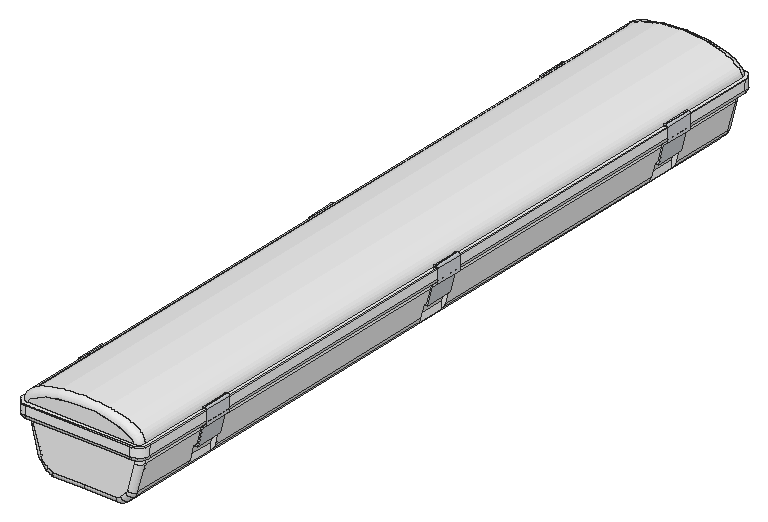
Revit family "0048816 Feilo Sylvania Lighting Fixture HYDROPROOF LED G3 600MM T 4K QC", category Lighting Fixtures, host Face, Revit 2016
Family settings
  Host = Face
  Part Type = Normal
  Round Connector Dimension = Use Diameter
  OmniClass Number = 23.80.70.11.14
  OmniClass Title = General Luminaries, Directional
  Cut with Voids When Loaded = No
  Light Source = Yes
  Shared = No
  Room Calculation Point = No
Parameters (values of type "0048816 HYDROPROOF LED G3 600MM T 4K QC  ")
  Width = 110 mm
  Weight = "1.18 kg"
  Wattage Comments = "n/a"
  Wattage = 19 W
  WarrantyStartDate [instance] = "n/a"
  WarrantyGuarantorParts = "n/a"
  WarrantyDurationUnit = "n/a"
  WarrantyDurationParts = "n/a"
  WarrantyDescription = "n/a"
  built-in parameter 1150110 = 1 (stored number, unit not read)
  Voltage = 230 V
  URL = "http://www.sylvania-lighting.com"
  TypeName = "HYDROPROOF LED G3 600MM T 4K QC"
  Type Image = <None>
  Type Comments = "n/a"
  built-in parameter 1114217 = 1 (stored number, unit not read)
  Tilt Angle = -90.00°
  built-in parameter 1150109 = 1 (stored number, unit not read)
  built-in parameter 1150134 = 12
  built-in parameter 1150113 = 1 (stored number, unit not read)
  SerialNumber [instance] = "n/a"
  ReflectorMaterial = none
  PowerFactor = 0
  PowerConsumption = "19 W"
  Photometric Web File = "0048816.ies"
  NominalWidth = 0 mm
  NominalLength = 665 mm
  NominalHeight = 78 mm
  Name = "HYDROPROOF LED G3 600MM T 4K QC"
  ModelReference = "HYDROPROOF LED G3 600MM T 4K QC"
  ModelNumber = "0048816"
  Model = "HYDROPROOF LED G3 600MM T 4K QC"
  Material = "grp housing, pmma diffuser"
  ManufacturerName = "Feilo Sylvania"
  Manufacturer = "Feilo Sylvania"
  LuminousEfficacy = "145 lm/W"
  built-in parameter 1150105 = 219.24 (stored number, unit not read)
  Lumens = 2755 lm
  LuminaireType = ""
  built-in parameter 1150115 = 1 (stored number, unit not read)
  LightOutputRatio = "n/a"
  built-in parameter 1150137 = (empty or 0)
  built-in parameter 1150139 = (empty or 0)
  Length = 665 mm
  LampsType = Lamp  # "LED"
  LampNominalLuminous = "2800 lm"
  LampMacAdamStep = "3"
  LampColourTemperature = "4000 K"
  LampColourRenderingIndex = "80"
  built-in parameter 1150112 = 1 (stored number, unit not read)
  built-in parameter 1150114 = 1 (stored number, unit not read)
  Lamp = "LED"
  Keynote = "16500"
  InstallationDate [instance] = "n/a"
  InputVoltage = "220-240V~"
  InputNominalFrequency = "50/60 Hz"
  built-in parameter 1150132 = (empty or 0)
  built-in parameter 1150102 = (empty or 0)
  built-in parameter 1150107 = 4000 (stored number, unit not read)
  built-in parameter 1150138 = (empty or 0)
  IngressProtection = "IP65"
  ImpactProtectionIndex = "IK02"
  built-in parameter 1150106 = 2.1924 (stored number, unit not read)
  IfcExportType = "IfcLightFixtureType"
  IfcExportAs = "IfcLightFixtureType"
  ExpectedLife = 50000
  Emit from Rectangle Width = Width - 20 mm  # 90 mm
  Emit from Rectangle Length = Length - 20 mm  # 645 mm
  Emit Shape Visible in Rendering = no
  ElectricShockClassification = "Class I"
  built-in parameter 1150104 = 13.471 (stored number, unit not read)
  DurationUnit = "hours"
  DocumentationLiterature = "http://www.sylvania-lighting.com/product/en-int/products/0048816"
  DimmingControlOptions = "Non dimmable"
  Dimming Lamp Color Temperature Shift = <None>
  DiffuserMaterial = Diffuser-Sylvania-Transparent
  Description = "Hydroproof, integrated LED chemical resistant weatherproof luminaire with quick connector, with UV stabilized flat diffuser and linear prisms designed to achieve uniform lit appearance, optimise light output and to reduce glare, stainless steel diffuser clips and fixing brackets for surface and wall mounting. L 665 mm x W 110 mm x H 78 mm size, GRP housing, PMMA diffuser, Non dimmable,   4000K, CRI80,  2800 lm, 19 W, 145 lm/W, nominal average life (h):50000, energy class: A++ A+ A Class I,IK02, IP65."
  Default Elevation = 1219.2 mm
  CreatedOn = "3/27/2018"
  CreatedBy = "aron.fodor@feilosylvania.com"
  Cost = 0
  Color Filter = 16777215
  built-in parameter 1114216 [instance] = (empty or 0)
  ClassificationValue = "EF_70_80"
  ClassificationName = "Uniclass2015"
  BracketOffset_FEILO = 360 mm
  BodyMaterial = Body-Sylvania-Gray
  BarCode [instance] = "n/a"
  built-in parameter 1114218 = 1 (stored number, unit not read)
  built-in parameter 1150133 = 10 (stored number, unit not read)
  AssetType = "Fixed"
  AssetIdentifier [instance] = "n/a"
  Assembly Code = "D5020200"
  Apparent Load = 19 VA
  AccessoryMaterial = Diffuser-Sylvania-Glow
Reference planes
  plane 1 "Center (Front/Back)": y = 0
  plane 2: z = 0
  plane 3 "Center (Left/Right)": x = 0
  plane 4: z = 54
  plane 5: x = -27.7
  plane 6: x = -34.8
  plane 7: x = -39.6
  plane 8: x = -42.2
  plane 9: z = 3
  plane 10: z = 7.8
  plane 11: z = 12.3
  plane 12: z = 36.6
  plane 13: z = 42.8
  plane 14: x = -51.1
  plane 15: z = 46.2
  plane 16: x = -55
  plane 17: y = 332.5
  plane 18: y = -332.5
  plane 19: x = 27.7
  plane 20: x = 34.8
  plane 21: x = 39.6
  plane 22: x = 42.2
  plane 23: x = 51.1
  plane 24: x = 55
  plane 25: y = 324.9
  plane 26: y = -324.9
  plane 27: y = -321.2
  plane 28: y = 321.2
  plane 29: z = 74
  plane 30: x = -51.5
  plane 31: x = 51.5
  plane 32: z = 55.2
  plane 33: y = -329
  plane 34: y = 329
  plane 35: x = -37.5
  plane 36: x = 37.5
  plane 37: x = -48.7
  plane 38: x = 48.7
  plane 39: x = 18
  plane 40: x = -18
  plane 41: z = 50.2
  plane 42: z = 24.6
  plane 43: y = 720
  plane 44: y = 706
  plane 45: y = 734
  plane 46: y = 250
  plane 47: y = 236
  plane 48: y = 264
  plane 49: y = 0
  plane 50: y = -14
  plane 51: y = 14
  plane 52: y = -250
  plane 53: y = -264
  plane 54: y = -236
Forms (mm)
  Sweep 1, solid, material "Body-Sylvania-Gray" <- "BodyMaterial", detail levels medium+fine
    path origin (1223.4, -4572, 54) x (0, -1, 0) y (1, 0, 0)
      loop
        arc (-4249.5, -1278.4) -> (-4242.429, -1275.471) -> (-4239.5, -1268.4) r 10
        line (-4239.5, -1268.4) -> (-4239.5, -1178.4)
        arc (-4239.5, -1178.4) -> (-4242.429, -1171.329) -> (-4249.5, -1168.4) r 10
        line (-4249.5, -1168.4) -> (-4894.5, -1168.4)
        arc (-4894.5, -1168.4) -> (-4901.571, -1171.329) -> (-4904.5, -1178.4) r 10
        line (-4904.5, -1178.4) -> (-4904.5, -1268.4)
        arc (-4904.5, -1268.4) -> (-4901.571, -1275.471) -> (-4894.5, -1278.4) r 10
        line (-4894.5, -1278.4) -> (-4249.5, -1278.4)
    profile origin (-55, 0, 54) x (-1, 0, 0) y (0, 0, 1)
      loop
        line (0, 0) -> (-1, 0) -> (-1, -7.726)
        arc (-1, -7.726) -> (-1.994, -9.498) -> (-3.9, -10.2) r 2.937
        line (-3.9, -10.2) -> (-8.571, -10.2) -> (-8.571, -11.2) -> (-3.9, -11.2)
        arc (-3.9, -11.2) -> (-1.313, -10.231) -> (0, -7.8) r 3.937
        line (0, -7.8) -> (0, 0)
  Sweep 2, solid, material "Body-Sylvania-Gray" <- "BodyMaterial", detail levels medium+fine
    path origin (0, 0, 0) x (1, 0, 0) y (0, 0, 1)
      loop
        line (48.7, 42.8) -> (48.7, 36.6) -> (42.203, 12.31)
        arc (42.203, 12.31) -> (41.199, 9.884) -> (39.6, 7.8) r 10.052
        line (39.6, 7.8) -> (34.8, 3)
        arc (34.8, 3) -> (31.554, 0.781) -> (27.7, 0) r 9.902
        line (27.7, 0) -> (0, 0) -> (-27.7, 0)
        arc (-27.7, 0) -> (-31.554, 0.781) -> (-34.8, 3) r 9.902
        line (-34.8, 3) -> (-39.6, 7.8)
        arc (-39.6, 7.8) -> (-41.199, 9.884) -> (-42.203, 12.31) r 10.052
        line (-42.203, 12.31) -> (-48.7, 36.6) -> (-48.7, 42.8)
    profile origin (0, 0, 0) x (0, 0, -1) y (0, -1, 0)
      loop
        arc (0, 319.9) -> (-1.464, 323.436) -> (-5, 324.9) r 5
        line (-5, 324.9) -> (-7.8, 324.9) -> (-7.8, -324.9) -> (-5, -324.9)
        arc (-5, -324.9) -> (-1.464, -323.436) -> (0, -319.9) r 5
        line (0, -319.9) -> (0, 319.9)
  Extrusion 3, solid, material "Body-Sylvania-Gray" <- "BodyMaterial", detail levels medium+fine
    sketch origin (1524, 324.9, 1219.2) x (1, 0, 0) y (0, 0, 1)
      loop
        arc (-1558.668, -1204.874) -> (-1558.443, -1205.418) -> (-1558.085, -1205.885) r 2.252
        line (-1558.085, -1205.885) -> (-1553.231, -1210.738)
        arc (-1553.231, -1210.738) -> (-1552.534, -1211.227) -> (-1551.7, -1211.4) r 2.102
        line (-1551.7, -1211.4) -> (-1496.3, -1211.4)
        arc (-1496.3, -1211.4) -> (-1495.466, -1211.227) -> (-1494.769, -1210.738) r 2.102
        line (-1494.769, -1210.738) -> (-1489.915, -1205.885)
        arc (-1489.915, -1205.885) -> (-1489.557, -1205.418) -> (-1489.332, -1204.874) r 2.252
        line (-1489.332, -1204.874) -> (-1483.1, -1181.575) -> (-1483.1, -1176.4) -> (-1564.9, -1176.4) -> (-1564.9, -1181.575) -> (-1558.668, -1204.874)
    from 0 to 649.8
  Sweep 4, solid, material "Diffuser-Sylvania-Transparent" <- "DiffuserMaterial", detail levels medium+fine
    path origin (0, 0, 0) x (1, 0, 0) y (0, 0, 1)
      loop
        spline (-51.5, 55.2) -> (-49.745, 60.066) -> (-44.6, 64.6) -> (-36.416, 68.494) -> (-25.75, 71.481) -> (-13.329, 73.359) -> (0, 74) -> (13.329, 73.359) -> (25.75, 71.481) -> (36.416, 68.494) -> (44.6, 64.6) -> (49.745, 60.066) -> (51.5, 55.2)
    profile origin (51.5, 0, 55.2) x (0, -1, 0) y (1, 0, 0)
      loop
        arc (329, -5.5) -> (327.389, -1.611) -> (323.5, 0) r 5.5
        line (323.5, 0) -> (-323.5, 0)
        arc (-323.5, 0) -> (-327.389, -1.611) -> (-329, -5.5) r 5.5
        line (-329, -5.5) -> (-329, -6.3) -> (-328, -6.3) -> (-328, -5.5)
        arc (-328, -5.5) -> (-326.682, -2.318) -> (-323.5, -1) r 4.5
        line (-323.5, -1) -> (323.5, -1)
        arc (323.5, -1) -> (326.682, -2.318) -> (328, -5.5) r 4.5
        line (328, -5.5) -> (328, -6.347) -> (329, -6.347) -> (329, -5.5)
  Extrusion 5, solid, material "Diffuser-Sylvania-Transparent" <- "DiffuserMaterial", detail levels medium+fine
    sketch origin (1524, -329, 1219.2) x (1, 0, 0) y (0, 0, 1)
      loop
        line (-1569.653, -1164) -> (-1478.347, -1164)
        spline (-1478.347, -1164) -> (-1478.969, -1162.594) -> (-1482.527, -1159.545) -> (-1489.588, -1156.201) -> (-1499.458, -1153.445) -> (-1511.242, -1151.663) -> (-1524, -1151.049) -> (-1536.758, -1151.663) -> (-1548.542, -1153.445) -> (-1558.412, -1156.201) -> (-1565.473, -1159.545) -> (-1569.031, -1162.594) -> (-1569.653, -1164)
    from 0 to -1
  Extrusion 6, solid, material "Diffuser-Sylvania-Transparent" <- "DiffuserMaterial", detail levels medium+fine
    sketch origin (1524, 329, 1219.2) x (1, 0, 0) y (0, 0, 1)
      loop
        spline (-1478.3, -1164) -> (-1478.931, -1162.565) -> (-1482.502, -1159.505) -> (-1489.572, -1156.155) -> (-1499.446, -1153.394) -> (-1511.236, -1151.614) -> (-1524, -1151.007) -> (-1536.764, -1151.614) -> (-1548.554, -1153.394) -> (-1558.428, -1156.155) -> (-1565.498, -1159.505) -> (-1569.069, -1162.565) -> (-1569.7, -1164)
        line (-1569.7, -1164) -> (-1478.3, -1164)
    from 0 to 1
  Extrusion 7, solid, material "Diffuser-Sylvania-Transparent" <- "DiffuserMaterial", detail levels medium+fine
    sketch origin (1223.4, -4572, 55.2) x (0, -1, 0) y (-1, 0, 0)
      loop
        arc (-4900, 1177.4) -> (-4898.682, 1174.218) -> (-4895.5, 1172.9) r 4.5
        line (-4895.5, 1172.9) -> (-4248.5, 1172.9)
        arc (-4248.5, 1172.9) -> (-4245.318, 1174.218) -> (-4244, 1177.4) r 4.5
        line (-4244, 1177.4) -> (-4244, 1269.4)
        arc (-4244, 1269.4) -> (-4245.318, 1272.582) -> (-4248.5, 1273.9) r 4.5
        line (-4248.5, 1273.9) -> (-4895.5, 1273.9)
        arc (-4895.5, 1273.9) -> (-4898.682, 1272.582) -> (-4900, 1269.4) r 4.5
        line (-4900, 1269.4) -> (-4900, 1177.4)
      loop
        line (-4904.5, 1268.4) -> (-4904.5, 1178.4)
        arc (-4904.5, 1178.4) -> (-4901.571, 1171.329) -> (-4894.5, 1168.4) r 10
        line (-4894.5, 1168.4) -> (-4249.5, 1168.4)
        arc (-4249.5, 1168.4) -> (-4242.429, 1171.329) -> (-4239.5, 1178.4) r 10
        line (-4239.5, 1178.4) -> (-4239.5, 1268.4)
        arc (-4239.5, 1268.4) -> (-4242.429, 1275.471) -> (-4249.5, 1278.4) r 10
        line (-4249.5, 1278.4) -> (-4894.5, 1278.4)
        arc (-4894.5, 1278.4) -> (-4901.571, 1275.471) -> (-4904.5, 1268.4) r 10
    from 0 to 1.2
  Extrusion 8, solid, material "Diffuser-Sylvania-Glow" <- "AccessoryMaterial", detail levels fine
    sketch origin (0, 0, 0) x (1, 0, 0) y (0, 0, 1)
      loop
        circle (-18, 50.2) r 8
      loop
        circle (18, 50.2) r 8
    from -321.2 to 321.2
  Extrusion 9, solid, material "Body-Sylvania-Gray" <- "BodyMaterial", detail levels coarse
    sketch origin (0, 0, 0) x (1, 0, 0) y (0, 0, 1)
      loop
        line (55, 42.8) -> (55, 55.2) -> (-55, 55.2) -> (-55, 42.791) -> (-42.2, 0) -> (42.2, 0) -> (55, 42.8)
    from -332.5 to 332.5
  Extrusion 10, solid, material "Diffuser-Sylvania-Transparent" <- "DiffuserMaterial", detail levels coarse
    sketch origin (0, 0, 0) x (1, 0, 0) y (0, 0, 1)
      loop
        arc (51.5, 55.2) -> (0, 74) -> (-51.5, 55.2) r 79.939
        line (-51.5, 55.2) -> (51.5, 55.2)
    from 324.9 to -324.9
  Extrusion 11, void, not visible
    sketch origin (0, 720, 2343.807) x (0, 0, -1) y (-1, 0, 0)
      loop
        line (2340.807, -37.5) -> (2331.507, -37.5) -> (2319.207, -42.2) -> (2319.207, -48.7) -> (2340.807, -48.7) -> (2340.807, -37.5)
      loop
        line (2340.807, 37.5) -> (2340.807, 48.7) -> (2319.207, 48.7) -> (2319.207, 42.2) -> (2331.507, 37.5) -> (2340.807, 37.5)
    from -14 to 14
  Extrusion 12, void
    sketch origin (0, 250, 2343.807) x (0, 0, -1) y (-1, 0, 0)
      loop
        line (2340.807, -37.5) -> (2331.507, -37.5) -> (2319.207, -42.2) -> (2319.207, -48.7) -> (2340.807, -48.7) -> (2340.807, -37.5)
      loop
        line (2340.807, 37.5) -> (2340.807, 48.7) -> (2319.207, 48.7) -> (2319.207, 42.2) -> (2331.507, 37.5) -> (2340.807, 37.5)
    from -14 to 14
  Extrusion 13, void
    sketch origin (0, 0, 2343.807) x (0, 0, -1) y (-1, 0, 0)
      loop
        line (2340.807, -37.5) -> (2331.507, -37.5) -> (2319.207, -42.2) -> (2319.207, -48.7) -> (2340.807, -48.7) -> (2340.807, -37.5)
      loop
        line (2340.807, 37.5) -> (2340.807, 48.7) -> (2319.207, 48.7) -> (2319.207, 42.2) -> (2331.507, 37.5) -> (2340.807, 37.5)
    from -14 to 14
  Extrusion 14, void
    sketch origin (0, -250, 2343.807) x (0, 0, -1) y (-1, 0, 0)
      loop
        line (2340.807, -37.5) -> (2331.507, -37.5) -> (2319.207, -42.2) -> (2319.207, -48.7) -> (2340.807, -48.7) -> (2340.807, -37.5)
      loop
        line (2340.807, 37.5) -> (2340.807, 48.7) -> (2319.207, 48.7) -> (2319.207, 42.2) -> (2331.507, 37.5) -> (2340.807, 37.5)
    from -14 to 14
Cuts and joins
  Extrusion 12, Extrusion 13, Extrusion 14 cuts Sweep 2
  Extrusion 12, Extrusion 13, Extrusion 14 cuts Extrusion 3
  joined: Sweep 2, Extrusion 3
  joined: Sweep 4, Extrusion 5, Extrusion 6
Dimensions and locks
  locked: plane 4 to plane 2 at 54
  plane 5 to plane 6 to plane 7 to plane 8 to plane 14 to plane 16 = 7.1 mm locked, 4.8 mm locked, 2.6 mm locked, 8.9 mm, 3.9 mm
  plane 4 to plane 15 to plane 13 to plane 12 to plane 11 to plane 10 to plane 9 = 7.8 mm locked, 3.4 mm, 6.2 mm locked, 24.3 mm locked, 4.5 mm locked, 4.8 mm locked
  equal spacing: plane 18, plane 1 "Center (Front/Back)", plane 17
  "Length": plane 18 to plane 17
  plane 19 to plane 20 to plane 21 to plane 22 to plane 23 to plane 24 = 7.1 mm locked, 4.8 mm locked, 2.6 mm locked, 8.9 mm, 3.9 mm
  equal spacing: plane 24, plane 3 "Center (Left/Right)", plane 16
  "Width": plane 24 to plane 16
  equal spacing: plane 27, plane 1 "Center (Front/Back)", plane 28
  locked: plane 26 to plane 27 at 3.7
  locked: Sweep 1 sketch curve to profile plane at 1
  locked: Sweep 1 sketch curve to plane 13 at 1
  locked: Sweep 1 sketch curve to plane 13 at 3.937  (x2)
  locked: Sweep 1 sketch curve to profile plane at 3.9  (x2)
  locked: plane 29 to plane 4 at 20
  equal spacing: plane 31, plane 3 "Center (Left/Right)", plane 30
  locked: plane 30 to plane 16 at 3.5
  locked: plane 32 to plane 4 at 1.2
  equal spacing: plane 33, plane 1 "Center (Front/Back)", plane 34
  equal spacing: plane 36, plane 3 "Center (Left/Right)", plane 35
  locked: plane 3 "Center (Left/Right)" to plane 35 at 37.5
  locked: plane 34 to plane 17 at 3.5
  equal spacing: plane 38, plane 3 "Center (Left/Right)", plane 37
  locked: plane 37 to plane 16 at 6.3
  equal spacing: plane 25, plane 1 "Center (Front/Back)", plane 26
  locked: plane 17 to plane 25 at 7.6
  locked: Sweep 2 sketch curve to plane 2 at 5  (x2)
  locked: Sweep 2 sketch curve to plane 26 at 5
  locked: plane 25 to Sweep 2 sketch curve at 5
  locked: Sweep 4 sketch curve to plane 31 at 5.5  (x2)
  locked: Sweep 4 sketch curve to plane 34 at 5.5
  plane 33 to Sweep 4 sketch curve = 5.5 mm
  locked: plane 34 to Sweep 4 sketch curve at 1
  locked: Sweep 4 sketch curve to plane 31 at 1
  locked: Sweep 4 sketch curve to Sweep 4 sketch curve at 1
  locked: Sweep 4 sketch curve to plane 31 at 6.347
  locked: Sweep 4 sketch curve to plane 31 at 6.3
  equal spacing: plane 39, plane 3 "Center (Left/Right)", plane 40
  locked: plane 3 "Center (Left/Right)" to plane 40 at 18
  locked: plane 42 to plane 2 at 24.6
  plane 45 to plane 43 to plane 44 = 14 mm locked, 14 mm locked
  plane 48 to plane 46 to plane 47 = 14 mm locked, 14 mm locked
  plane 51 to plane 49 to plane 50 = 14 mm locked, 14 mm locked
  plane 54 to plane 52 to plane 53 = 14 mm locked, 14 mm locked
  equal spacing: plane 46, plane 1 "Center (Front/Back)", plane 52
  locked: plane 46 to plane 1 "Center (Front/Back)" at 250
  aligned and locked: plane 2 to host face
  aligned and locked: level to host face
  aligned and locked: plane 16 to Sweep 1 sketch curve
  aligned and locked: Sweep 1 sketch curve to plane 24
  aligned and locked: plane 18 to Sweep 1 sketch curve
  aligned and locked: Sweep 1 sketch curve to plane 13
  aligned and locked: profile plane to Sweep 1 sketch curve
  aligned and locked: plane 3 "Center (Left/Right)" to Sweep 2 sketch curve
  aligned and locked: plane 9 to Sweep 2 sketch curve
  aligned and locked: plane 10 to Sweep 2 sketch curve
  aligned and locked: plane 37 to Sweep 2 sketch curve
  aligned and locked: plane 12 to Sweep 2 sketch curve
  aligned and locked: Sweep 2 sketch curve to level
  aligned and locked: plane 21 to Sweep 2 sketch curve
  aligned and locked: plane 38 to Sweep 2 sketch curve
  aligned and locked: profile plane to Sweep 2 sketch curve
  aligned and locked: plane 25 to Sweep 2 sketch curve
  aligned and locked: Sweep 2 sketch curve to plane 10
  aligned and locked: Extrusion 3 sketch curve to Sweep 2  (x7)
  aligned and locked: Sweep 2 to Extrusion 3 sketch curve
  aligned and locked: Extrusion 3 to plane 25
  aligned and locked: plane 26 to Extrusion 3
  aligned and locked: plane 32 to Sweep 4 sketch curve
  aligned and locked: plane 33 to Sweep 4 sketch curve
  aligned and locked: Sweep 4 to Extrusion 5
  aligned and locked: plane 33 to Extrusion 5
  aligned and locked: Extrusion 5 sketch curve to Sweep 4
  aligned and locked: cut or joined group of Sweep 4, Extrusion 5, Extrusion 6 to Extrusion 6 sketch curve
  aligned and locked: Extrusion 7 sketch curve to cut or joined group of Sweep 4, Extrusion 5, Extrusion 6  (x2)
  aligned and locked: cut or joined group of Sweep 4, Extrusion 5, Extrusion 6 to Extrusion 7 sketch curve  (x2)
  aligned and locked: plane 41 to Extrusion 8 sketch curve  (x2)
  aligned and locked: plane 39 to Extrusion 8 sketch curve
  aligned and locked: plane 27 to Extrusion 8
  aligned and locked: Extrusion 8 to plane 28
  aligned and locked: Extrusion 7 sketch curve to Sweep 1  (x4)
  aligned and locked: plane 4 to Extrusion 7
  aligned and locked: Extrusion 7 to plane 32
  aligned and locked: Extrusion 9 sketch curve to plane 24
  aligned and locked: Extrusion 9 sketch curve to Extrusion 7
  aligned and locked: plane 8 to Extrusion 9 sketch curve
  aligned and locked: plane 22 to Extrusion 9 sketch curve
  aligned and locked: level to Extrusion 9 sketch curve
  aligned and locked: Extrusion 9 to plane 17
  aligned and locked: plane 18 to Extrusion 9
  aligned and locked: cut or joined group of Sweep 4, Extrusion 5, Extrusion 6 to Extrusion 10 sketch curve
  aligned and locked: Extrusion 10 sketch curve to cut or joined group of Sweep 4, Extrusion 5, Extrusion 6  (x2)
  aligned and locked: plane 31 to Extrusion 10 sketch curve
  aligned and locked: plane 30 to Extrusion 10 sketch curve
  aligned and locked: plane 26 to Extrusion 10
  aligned and locked: Extrusion 10 to plane 25
  aligned and locked: imposter light to plane 29
  aligned and locked: plane 3 "Center (Left/Right)" to imposter light
  aligned and locked: plane 1 "Center (Front/Back)" to imposter light
  aligned and locked: plane 47 to Extrusion 12
  aligned and locked: Extrusion 12 to plane 48
  aligned and locked: plane 50 to Extrusion 13
  aligned and locked: Extrusion 13 to plane 51
  aligned and locked: plane 53 to Extrusion 14
  aligned and locked: Extrusion 14 to plane 54
  aligned and locked: nested 1 to plane 46
  aligned and locked: plane 46 to nested 6
  aligned and locked: nested 2 to plane 49
  aligned and locked: plane 49 to nested 5
  aligned and locked: nested 3 to plane 52
  aligned and locked: plane 52 to nested 4
  aligned and locked: plane 49 to plane 1 "Center (Front/Back)"
Automatic sketch dimensions
  host sketch curve to host sketch curve = 2438.4 mm  (x2)
  plane 17 to Sweep 1 sketch curve = 0 mm
  Sweep 1 sketch curve to plane 28 = 1.3 mm
  Sweep 1 sketch curve to plane 7 = 5.4 mm
  plane 27 to Sweep 1 sketch curve = 1.3 mm  (x2)
  Sweep 1 sketch curve to Sweep 1 sketch curve = 4.671 mm
  Sweep 1 sketch curve to plane 4 = 0 mm
  Sweep 2 sketch curve to plane 7 = 0 mm
  Sweep 2 sketch curve to plane 6 = 0 mm
  Sweep 2 sketch curve to plane 5 = 0 mm
  plane 19 to Sweep 2 sketch curve = 0 mm
  Sweep 2 sketch curve to plane 9 = 0 mm
  plane 20 to Sweep 2 sketch curve = 0 mm
  Sweep 2 sketch curve to plane 12 = 0 mm
  Sweep 2 sketch curve to plane 10 = 0 mm
  Sweep 2 sketch curve to plane 13 = 0 mm  (x2)
  Sweep 2 sketch curve to plane 8 = 0.003 mm
  plane 6 to Sweep 2 sketch curve = 2.308 mm
  plane 20 to Sweep 2 sketch curve = 2.308 mm
  Sweep 2 sketch curve to plane 22 = 0.003 mm
  Sweep 2 sketch curve to plane 11 = 0.01 mm  (x2)
  Extrusion 3 sketch curve to plane 5 = 0 mm
  plane 19 to Extrusion 3 sketch curve = 0 mm
  plane 6 to Extrusion 3 sketch curve = 0.132 mm
  plane 6 to Extrusion 3 sketch curve = 0.715 mm
  Extrusion 3 sketch curve to Extrusion 3 sketch curve = 1.592 mm
  Extrusion 3 sketch curve to plane 10 = 0.662 mm  (x2)
  plane 20 to Extrusion 3 sketch curve = 2.308 mm
  plane 20 to Extrusion 3 sketch curve = 0.715 mm
  plane 20 to Extrusion 3 sketch curve = 0.132 mm
  Sweep 4 sketch curve to plane 30 = 0 mm
  Sweep 4 sketch curve to plane 3 "Center (Left/Right)" = 0 mm
  Sweep 4 sketch curve to Sweep 4 sketch curve = 0 mm  (x2)
  plane 37 to Extrusion 5 sketch curve = 3.047 mm
  Extrusion 5 sketch curve to plane 38 = 3.047 mm
  plane 37 to Extrusion 6 sketch curve = 3 mm
  Extrusion 6 sketch curve to plane 38 = 3 mm
  plane 25 to Extrusion 7 sketch curve = 1.4 mm  (x2)
  Extrusion 7 sketch curve to plane 26 = 1.4 mm  (x2)
  Extrusion 8 sketch curve to plane 40 = 0 mm
  Extrusion 9 sketch curve to plane 13 = 0 mm
  plane 13 to Extrusion 9 sketch curve = 0.009 mm
  Extrusion 10 sketch curve to level = 5.939 mm
  Extrusion 9 sketch curve to plane 16 = 0 mm
  Extrusion 11 sketch curve to Extrusion 11 sketch curve = 0 mm
  Extrusion 11 sketch curve to Extrusion 11 sketch curve = 12.3 mm  (x2)
  Extrusion 11 sketch curve to Extrusion 11 sketch curve = 9.3 mm  (x2)
  Extrusion 11 sketch curve to Extrusion 11 sketch curve = 6.5 mm
  Extrusion 11 sketch curve to Extrusion 11 sketch curve = 4.7 mm  (x2)
  Extrusion 11 sketch curve to Extrusion 11 sketch curve = 75 mm
  Extrusion 11 sketch curve to Extrusion 11 sketch curve = 11.2 mm
  Extrusion 12 sketch curve to Extrusion 12 sketch curve = 0 mm
  Extrusion 12 sketch curve to Extrusion 12 sketch curve = 12.3 mm  (x2)
  Extrusion 12 sketch curve to Extrusion 12 sketch curve = 9.3 mm  (x2)
  Extrusion 12 sketch curve to Extrusion 12 sketch curve = 6.5 mm
  Extrusion 12 sketch curve to Extrusion 12 sketch curve = 4.7 mm  (x2)
  Extrusion 12 sketch curve to Extrusion 12 sketch curve = 75 mm
  Extrusion 12 sketch curve to Extrusion 12 sketch curve = 11.2 mm
  Extrusion 13 sketch curve to Extrusion 13 sketch curve = 0 mm
  Extrusion 13 sketch curve to Extrusion 13 sketch curve = 12.3 mm  (x2)
  Extrusion 13 sketch curve to Extrusion 13 sketch curve = 9.3 mm  (x2)
  Extrusion 13 sketch curve to Extrusion 13 sketch curve = 6.5 mm
  Extrusion 13 sketch curve to Extrusion 13 sketch curve = 4.7 mm  (x2)
  Extrusion 13 sketch curve to Extrusion 13 sketch curve = 75 mm
  Extrusion 13 sketch curve to Extrusion 13 sketch curve = 11.2 mm
  Extrusion 14 sketch curve to Extrusion 14 sketch curve = 0 mm
  Extrusion 14 sketch curve to Extrusion 14 sketch curve = 12.3 mm  (x2)
  Extrusion 14 sketch curve to Extrusion 14 sketch curve = 9.3 mm  (x2)
  Extrusion 14 sketch curve to Extrusion 14 sketch curve = 6.5 mm
  Extrusion 14 sketch curve to Extrusion 14 sketch curve = 4.7 mm  (x2)
  Extrusion 14 sketch curve to Extrusion 14 sketch curve = 75 mm
  Extrusion 14 sketch curve to Extrusion 14 sketch curve = 11.2 mm
  radius of Extrusion 8 sketch curve = 8 mm  (x2)
Nested families
  nested 1: "Clip" at (-42.2, 250, 24.6) x (-1, 0, 0) z (0, 0, 1), type "Clip", detail levels fine
  nested 2: "Clip" at (-42.2, 0, 24.6) x (-1, 0, 0) z (0, 0, 1), type "Clip", detail levels fine
  nested 3: "Clip" at (-42.2, -250, 24.6) x (-1, 0, 0) z (0, 0, 1), type "Clip", detail levels fine
  nested 4: "Clip" at (42.2, -250, 24.6), type "Clip", detail levels fine
  nested 5: "Clip" at (42.2, 0, 24.6), type "Clip", detail levels fine
  nested 6: "Clip" at (42.2, 250, 24.6), type "Clip", detail levels fine
Connectors
  electrical at (0, 0, 0), driven by "Apparent Load"
    settings: index 1, voltage 230 V, apparent load 19 VA, apparent load phase1 0 VA, apparent load phase2 0 VA, apparent load phase3 0 VA, power factor 0, load classification "Lighting", number of poles 1, system type 30, power factor state 1, is connector primary yes, connector utility no, sub classification motor no, connector description ""
Definition of nested family "Clip"
  Parameters (values of type "Clip")
    URL = "http://www.feilosylvania.com"
    Type Comments = "n/a"
    Model = "n/a"
    Manufacturer = "Feilo Sylvania"
    Keynote = "n/a"
    Description = "n/a"
    Default Elevation = 1219.2 mm
    Cost = 0
    BodyMaterial = none
    Assembly Code = "n/a"
  Reference planes
    plane 1 "Center (Front/Back)": y = 0
    plane 2: z = 0
    plane 3 "Center (Left/Right)": x = 0
    plane 4: x = 3.3
    plane 5: x = 6.5
    plane 6: x = 8.9
    plane 7: x = 12.8
    plane 8: z = 12
    plane 9: z = 18.2
    plane 10: z = 21.6
    plane 11: z = 30.6
    plane 12: x = 9.3
    plane 13: z = 19.2
    plane 14: z = 16.2
    plane 15: x = 10.1
    plane 16: y = 12
    plane 17: y = -12
  Forms (mm)
    Extrusion 1, solid
      sketch origin (-0.8, 0, 0) x (1, 0, 0) y (0, 1, 0)
        loop
          line (-1219.2, 1219.2) -> (-1219.2, -1219.2) -> (1219.2, -1219.2) -> (1219.2, 1219.2) -> (-1219.2, 1219.2)
      from 0 to -304.8
    Extrusion 2, solid
      sketch origin (0, 0, 0) x (1, 0, 0) y (0, 0, 1)
        loop
          line (8.9, 16.2) -> (4.58, 0) -> (0, 0) -> (0, -0.8) -> (5.195, -0.8) -> (9.603, 15.731) -> (13.6, 18.806) -> (13.6, 30.6)
          arc (13.6, 30.6) -> (11.45, 32.75) -> (9.3, 30.6) r 2.15
          line (9.3, 30.6) -> (10.1, 30.6)
          arc (10.1, 30.6) -> (11.45, 31.95) -> (12.8, 30.6) r 1.35
          line (12.8, 30.6) -> (12.8, 19.2) -> (8.9, 16.2)
      from -12 to 12
  Lines and regions (mm)
    reference lines
      curve 1: line (3.3, 0, 0) -> (6.5, 0, 12)
      curve 2: arc (8.9, 0, 18.2) -> (11.488, 0, 19.169) -> (12.8, 0, 21.6) r 3.934
  Dimensions and locks
    plane 7 to plane 6 to plane 5 to plane 4 to plane 3 "Center (Left/Right)" = 3.9 mm locked, 2.4 mm locked, 3.2 mm locked, 3.3 mm locked
    plane 11 to plane 10 to plane 9 to plane 8 to plane 2 = 9 mm locked, 3.4 mm locked, 6.2 mm locked, 12 mm locked
    locked: plane 7 to plane 12 at 3.5
    locked: plane 13 to plane 9 at 1
    locked: plane 9 to plane 14 at 2
    locked: plane 15 to plane 12 at 0.8
    locked: plane 2 to Extrusion 2 sketch curve at 0.8
    locked: Extrusion 2 sketch curve to Extrusion 2 sketch curve at 0.8  (x3)
    locked: plane 7 to Extrusion 2 sketch curve at 1.35
    equal spacing: plane 17, plane 1 "Center (Front/Back)", plane 16
    locked: plane 1 "Center (Front/Back)" to plane 16 at 12
    aligned and locked: plane 2 to Extrusion 1
    aligned and locked: level to Extrusion 1
    aligned and locked: plane 4 to curve 1
    aligned and locked: plane 5 to curve 1
    aligned and locked: plane 6 to curve 2
    aligned and locked: plane 10 to curve 2
    aligned and locked: plane 14 to Extrusion 2 sketch curve
    aligned and locked: plane 13 to Extrusion 2 sketch curve
    aligned and locked: plane 7 to Extrusion 2 sketch curve
    aligned and locked: plane 3 "Center (Left/Right)" to Extrusion 2 sketch curve
    aligned and locked: Extrusion 2 sketch curve to level
    aligned and locked: Extrusion 2 sketch curve to plane 11
    aligned and locked: plane 11 to Extrusion 2 sketch curve
    aligned and locked: Extrusion 2 to plane 16
    aligned and locked: plane 17 to Extrusion 2
  Automatic sketch dimensions
    Extrusion 1 sketch curve to Extrusion 1 sketch curve = 2438.4 mm  (x2)
    curve 2 to plane 7 = 0 mm
    curve 1 to level = 0 mm
    curve 1 to plane 8 = 0 mm
    curve 2 to plane 9 = 0 mm
    plane 6 to curve 2 = 0.002 mm
    Extrusion 2 sketch curve to Extrusion 2 sketch curve = 0 mm
    Extrusion 2 sketch curve to plane 6 = 0 mm
    plane 4 to Extrusion 2 sketch curve = 1.28 mm
